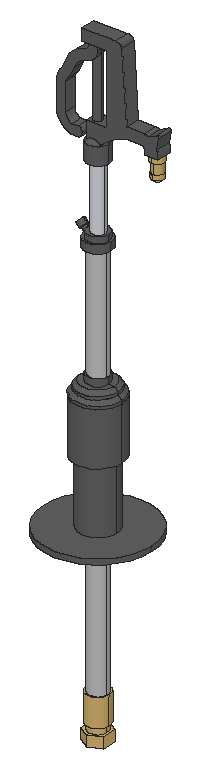
Revit family
Parameters (values of type "SRH-MS")
  Waste Connection = no
  Vent Connection = no
  URL = "http://www.woodfordmfg.com/woodford/Yard_Hydrant_Pages/Model-SRH-MS.html"
  Type Comments = ""
  Support Flange Height = 0' - 11 1/4"
  Support Flange Diameter = 0' - 10"
  SRH-MS Hydrant Weight/Lbs = "50"
  Pipe Casing/Reservoir = "1 1/2\""
  Painted Cast Iron Head & Mounting System Components = ""
  Overall Hydrant Length = 5' - 1"
  Outlet Connection = "3/4\" Male Hose Thread"
  No Drain Line Required = "Evacuates to Roof"
  Model = "SRH-MS"
  Max Temperature = "120º -F"
  Max Pressure = 100.00 psi
  Manufacturer = "Woodford Manufacturing Company"
  Keynote = ""
  Installation Instructions = "www.woodfordmfg.com/woodford/Installation/SRH-MS%20Installation%20instructions.pdf"
  Inlet Connection = "3/4\" NPT Female"
  HW Connection = no
  Galvanized Pipe Casing = ""
  GPM = "7.5"
  Double Check Backflow Preventor = "ASSE 1052 Field Testable"
  Catalog Sheet = "www.woodfordmfg.com/woodford/Yard_Hyd_PDF/SRH-MS%20Roof%20Hydrant.pdf"
  Cast Brass Valve Body Inlet = ""
  CW Connection = yes
Reference planes (in)
  plane 1 "Center (Front/Back)": y = 0
  plane 2: z = 0
  plane 3 "Center (Left/Right)": x = 0
  plane 4 "Bottom of Deck": z = 0
  plane 5 "Top of Flange": z = 0
  plane 6 "Bottom of Boot": z = 6.5
  plane 7: z = 11.5
  plane 8 "Top of Boot": z = 12.875
  plane 9 "Top of Hydrant": z = 31.25
  plane 10 "Bottom Hydrant": z = -13.37894
  plane 11 "Bottom Inlet": z = -15.94144
  plane 12 "Drain": z = -16.56644
  plane 13 "Pipe Connection": z = -17.56644
  plane 14 "Air Vent": z = 24
  plane 15: z = 25.25
  plane 16: z = 24.75
Forms (in)
  Extrusion 1, solid, material "Cast Iron"
    sketch origin (0, 0, 0) x (1, 0, 0) y (0, 1, 0)
      loop
        circle (0, 0) r 5
    from 0 to 0.48882
  Extrusion 2, solid, material "Cast Iron"
    sketch origin (0, 0, 0) x (-1, 0, 0) y (0, -1, 0)
      loop
        circle (0, 0) r 1.75
    from 0 to 6.5
  Extrusion 3, solid, material "Cast Iron"
    sketch origin (0, 0, 6.5) x (-1, 0, 0) y (0, -1, 0)
      loop
        circle (0, 0) r 2.25
    from 0 to 5
  Revolve 4, solid, material "Cast Iron"
    sketch origin (0, 0, 0) x (1, 0, 0) y (0, 0, 1)
      loop
        line (0, 11.5) -> (2.25, 11.5) -> (2.25, 11.75) -> (1.89645, 12.10355) -> (1.89645, 12.35355) -> (1.54289, 12.70711) -> (1.0031, 12.70711) -> (1.0031, 13.32538) -> (0, 13.32538) -> (0, 11.5)
      axis (0, 11.5) -> (0, 13.32538)
    angle from 0 to 360
  Extrusion 5, solid, material "Chrome"
    sketch origin (0, 0, 12.875) x (-1, 0, 0) y (0, -1, 0)
      loop
        circle (0, 0) r 0.875
    from 0 to 11.125
  Extrusion 6, solid, material "Cast Iron", not visible
    sketch origin (0, 0, 22.97002) x (-1, 0, 0) y (0, -1, 0)
      loop
        circle (0, 0) r 1.3744
    from 0 to 0.25
  Revolve 7, solid, material "Cast Iron", not visible
    sketch origin (0, 0, 0) x (1, 0, 0) y (0, 0, 1)
      loop
        line (0, 23.22002) -> (0.88774, 23.22002) -> (0.88774, 24.47002)
        arc (0.88774, 24.47002) -> (0.59787, 24.83314) -> (0.15387, 24.97002) r 0.78857
        line (0.15387, 24.97002) -> (0, 24.97002) -> (0, 23.22002)
      axis (0, 23.22002) -> (0, 24.97002)
    angle from 0 to 360
  Extrusion 8, solid, material "Cast Iron", not visible
    sketch origin (0, 0, 0) x (1, 0, 0) y (0, 0, 1)
      loop
        line (-0.5, 23.22002) -> (0.5, 23.22002) -> (0.5, 23.72002)
        arc (0.5, 23.72002) -> (0.62037, 24.27543) -> (0.95989, 24.73117) r 1.34154
        line (0.95989, 24.73117) -> (1.67922, 25.25379)
        arc (1.67922, 25.25379) -> (2.52568, 25.68195) -> (3.43883, 25.93877) r 4.89374
        line (3.43883, 25.93877) -> (4.93551, 25.93877) -> (4.93551, 25.25993) -> (6.18551, 25.25993) -> (6.18551, 27.00993)
        arc (6.18551, 27.00993) -> (6.10837, 27.15072) -> (5.9482, 27.1615) r 0.16706
        line (5.9482, 27.1615) -> (5.43551, 26.92386) -> (3.2034, 26.92386)
        arc (3.2034, 26.92386) -> (3.33089, 28.2701) -> (3.29499, 29.62189) r 11.18488
        line (3.29499, 29.62189) -> (2.92407, 32.2611)
        arc (2.92407, 32.2611) -> (2.59805, 33.18889) -> (2.14765, 34.06308) r 7.14049
        arc (2.14765, 34.06308) -> (0.59876, 34.04334) -> (-0.9375, 33.84502) r 13.40309
        line (-0.9375, 33.84502) -> (-0.9375, 32.72002) -> (0.5625, 32.72002) -> (0.5625, 29.97002) -> (1.5625, 29.97002) -> (1.5625, 26.22002) -> (-0.5, 26.22002) -> (-0.5, 23.22002)
    from -0.6875 to 0.6875
  Extrusion 9, solid, material "Cast Iron", not visible
    sketch origin (0, 0, 0) x (1, 0, 0) y (0, 0, 1)
      loop
        arc (-0.75, 32.22002) -> (-1.75, 31.90472) -> (-2.3883, 31.07286) r 1.74345
        arc (-2.3883, 31.07286) -> (-2.46923, 30.65469) -> (-2.67603, 30.28234) r 1.35431
        arc (-2.67603, 30.28234) -> (-3.13074, 29.52698) -> (-3.38782, 28.68363) r 3.59309
        line (-3.38782, 28.68363) -> (-3.38782, 27.44744)
        arc (-3.38782, 27.44744) -> (-3.02079, 26.38152) -> (-2.07532, 25.76753) r 1.73135
        line (-2.07532, 25.76753) -> (-1.5599, 25.76753)
        arc (-1.5599, 25.76753) -> (-0.72918, 26.14253) -> (-1.5599, 26.51753) r 0.5
        line (-1.5599, 26.51753) -> (-1.96999, 26.51753)
        arc (-1.96999, 26.51753) -> (-2.45357, 26.87501) -> (-2.63782, 27.44744) r 0.98135
        line (-2.63782, 27.44744) -> (-2.63782, 28.61481)
        arc (-2.63782, 28.61481) -> (-2.43298, 29.24983) -> (-2.08579, 29.81962) r 2.84309
        arc (-2.08579, 29.81962) -> (-1.79114, 30.32873) -> (-1.64892, 30.89952) r 2.10431
        arc (-1.64892, 30.89952) -> (-1.28233, 31.31535) -> (-0.75, 31.47002) r 0.99345
        arc (-0.75, 31.47002) -> (-0.01905, 31.73606) -> (0.36988, 32.40971) r 1.13716
        line (0.36988, 32.40971) -> (0.36988, 32.73312) -> (-0.36873, 32.73312) -> (-0.36873, 32.53994)
        arc (-0.36873, 32.53994) -> (-0.50114, 32.31059) -> (-0.75, 32.22002) r 0.38716
      loop
        circle (-1.22918, 26.14253) r 0.25
    from -0.5 to 0.5
  Sweep 10, solid, material "Copper", not visible
    path origin (-14.37933, 0, 7.52057) x (0.809017, 0, -0.587785) y (0.587785, 0, 0.809017)
      loop
        line (5.70332, 26.07075) -> (6.03395, 25.61568)
    profile origin (5.55876, 0, 24.97868) x (0, -1, 0) y (1, 0, 0)
      loop
        circle (0, 0) r 0.62427
  Sweep 11, solid, material "Copper", not visible
    path origin (-14.35969, 0, 8.64557) x (0.809017, 0, -0.587785) y (0.587785, 0, 0.809017)
      loop
        line (6.6952, 24.70554) -> (6.84215, 24.50328)
    profile origin (5.57839, 0, 24.57243) x (0, -1, 0) y (1, 0, 0)
      loop
        circle (0, 0) r 0.5
  Extrusion 12, solid, material "Chrome"
    sketch origin (0, 0, 0) x (-1, 0, 0) y (0, -1, 0)
      loop
        circle (0, 0) r 0.875
    from 0 to -13.37894
  Extrusion 13, solid, material "Copper"
    sketch origin (0, 0, -13.37894) x (-1, 0, 0) y (0, -1, 0)
      loop
        circle (0, 0) r 1.0625
    from 0 to -2.5625
  Extrusion 14, solid, material "Copper"
    sketch origin (0, 0, -15.94144) x (-1, 0, 0) y (0, -1, 0)
      loop
        circle (0, 0) r 0.875
    from 0 to -0.625
  Extrusion 15, solid, material "Copper"
    sketch origin (-60.2647, -180, -16.56644) x (-1, 0, 0) y (0, -1, 0)
      loop
        line (-61.34723, -180.625) -> (-60.2647, -181.25) -> (-59.18217, -180.625) -> (-59.18217, -179.375) -> (-60.2647, -178.75) -> (-61.34723, -179.375) -> (-61.34723, -180.625)
    from 0 to -1
  Extrusion 16, void
    sketch origin (0, 0, -17.56644) x (-1, 0, 0) y (0, -1, 0)
      loop
        circle (0, 0) r 0.5
    from 0 to 1
  Sweep 17, solid, material "Cast Iron", not visible
    path origin (0, 0, -5.669) x (1, 0, 0) y (0, 0, 1)
      loop
        line (0, 31.88902) -> (0, 38.38902)
    profile origin (0, 0, 29.47002) x (-1, 0, 0) y (0, -1, 0)
      loop
        circle (0, 0) r 0.375
  Sweep 18, solid, material "Copper", not visible
    path origin (-14.37933, 0, 6.70807) x (0.809017, 0, -0.587785) y (0.587785, 0, 0.809017)
      loop
        line (5.70332, 26.07075) -> (6.03395, 25.61568)
    profile origin (5.55876, 0, 24.16618) x (0, -1, 0) y (1, 0, 0)
      loop
        circle (0, 0) r 0.62427
  Sweep 19, solid, material "Copper", not visible
    path origin (-14.35969, 0, 7.83307) x (0.809017, 0, -0.587785) y (0.587785, 0, 0.809017)
      loop
        line (6.6952, 24.70554) -> (7.14394, 24.0879)
    profile origin (5.57839, 0, 23.50321) x (0, -1, 0) y (1, 0, 0)
      loop
        circle (0, 0) r 0.5
  Sweep 20, solid, material "Cast Iron"
    path origin (0, 0, 0.34375) x (-1, 0, 0) y (0, 0, 1)
      loop
        line (0, 23.65625) -> (0, 24.40625)
    profile origin (0, 0, 24.375) x (1, 0, 0) y (0, 1, 0)
      loop
        circle (0, 0) r 1.25
  Sweep 21, solid, material "Cast Iron"
    path origin (0, 0, 0.34375) x (-1, 0, 0) y (0, 0, 1)
      loop
        line (0, 24.40625) -> (0, 24.90625)
    profile origin (0, 0, 25) x (1, 0, 0) y (0, 1, 0)
      loop
        circle (0, 0) r 1
  Sweep 22, solid
    path origin (0, 0, 0) x (1, 0, 0) y (0, 0, 1)
      loop
        line (0, 24.90625) -> (0, 31.25)
    profile origin (0, 0, 28.07812) x (-1, 0, 0) y (0, -1, 0)
      loop
        circle (0, 0) r 0.625
  Sweep 23, solid, material "Cast Iron"
    path origin (0, 0, 0.34375) x (-1, 0, 0) y (0, 0, 1)
      loop
        line (0.8125, 24.40625) -> (1.3125, 24.90625)
    profile origin (-1.0625, 0, 25) x (0.707107, 0, 0.707107) y (0, 1, 0)
      loop
        circle (0, 0) r 0.25
  Sweep 24, solid, material "Cast Iron"
    path origin (0.38388, 0, -0.04013) x (-1, 0, 0) y (0, 0, 1)
      loop
        line (1.69638, 25.29013) -> (2.04994, 25.64369)
    profile origin (-1.48928, 0, 25.42678) x (0.707107, 0, 0.707107) y (0, 1, 0)
      loop
        circle (0, 0) r 0.38149
  Sweep 25, solid, material "Cast Iron", not visible
    path origin (0, 0, 0) x (1, 0, 0) y (0, 0, 1)
      loop
        line (0, 23.65625) -> (0, 24.40625)
    profile origin (0, 0, 24.03125) x (-1, 0, 0) y (0, -1, 0)
      loop
        circle (0, 0) r 1.25
  Sweep 26, solid, material "Cast Iron", not visible
    path origin (0, 0, 0) x (1, 0, 0) y (0, 0, 1)
      loop
        line (0, 24.40625) -> (0, 24.90625)
    profile origin (0, 0, 24.65625) x (-1, 0, 0) y (0, -1, 0)
      loop
        circle (0, 0) r 1
  Sweep 27, solid, material "Cast Iron", not visible
    path origin (0, 0, 0) x (1, 0, 0) y (0, 0, 1)
      loop
        line (0.8125, 24.40625) -> (1.3125, 24.90625)
    profile origin (1.0625, 0, 24.65625) x (-0.707107, 0, 0.707107) y (0, -1, 0)
      loop
        circle (0, 0) r 0.25
  Sweep 28, solid, material "Cast Iron", not visible
    path origin (-0.38388, 0, -0.38388) x (1, 0, 0) y (0, 0, 1)
      loop
        line (1.69638, 25.29013) -> (2.04994, 25.64369)
    profile origin (1.48928, 0, 25.08303) x (-0.707107, 0, 0.707107) y (0, -1, 0)
      loop
        circle (0, 0) r 0.38149
  Revolve 29, solid, material "Cast Iron"
    sketch origin (0.01761, 0.00001, 8.4323) x (1, 0, 0) y (0, 0, 1)
      loop
        line (0, 22.8177) -> (1.02491, 22.8177) -> (1.02491, 24.41828)
        arc (1.02491, 24.41828) -> (0.71233, 24.8431) -> (0.21039, 25.00508) r 0.8587
        line (0.21039, 25.00508) -> (0, 25.00508) -> (0, 22.8177)
      axis (0, 22.8177) -> (0, 25.00508)
    angle from 0 to 360
  Extrusion 30, solid, material "Cast Iron"
    sketch origin (0.01761, 0.00001, 8.4323) x (1, 0, 0) y (0, 0, 1)
      loop
        line (-0.5, 23.22002) -> (0.5, 23.22002) -> (0.5, 23.72002)
        arc (0.5, 23.72002) -> (0.62037, 24.27543) -> (0.95989, 24.73117) r 1.34154
        line (0.95989, 24.73117) -> (1.67922, 25.25379)
        arc (1.67922, 25.25379) -> (2.52568, 25.68195) -> (3.43883, 25.93877) r 4.89374
        line (3.43883, 25.93877) -> (4.57225, 25.93877)
        arc (4.57225, 25.93877) -> (4.82073, 25.81433) -> (4.93551, 25.56125) r 0.41624
        line (4.93551, 25.56125) -> (4.93551, 25.25993) -> (6.18559, 25.25993)
        arc (6.18559, 25.25993) -> (6.16814, 25.66141) -> (6.04799, 26.0449) r 1.54898
        line (6.04799, 26.0449) -> (6.2685, 27.04758)
        arc (6.2685, 27.04758) -> (6.20995, 27.21372) -> (6.03509, 27.23503) r 0.16706
        line (6.03509, 27.23503) -> (5.16235, 26.8305)
        arc (5.16235, 26.8305) -> (5.03121, 26.8999) -> (4.88479, 26.92386) r 0.4593
        line (4.88479, 26.92386) -> (3.2034, 26.92386) -> (2.75195, 33.37989)
        arc (2.75195, 33.37989) -> (2.59416, 33.71069) -> (2.25316, 33.84502) r 0.5
        line (2.25316, 33.84502) -> (-0.9375, 33.84502) -> (-0.9375, 32.72002) -> (1.36348, 32.72002) -> (1.36348, 26.22002) -> (-0.5, 26.22002) -> (-0.5, 23.22002)
    from -0.6875 to 0.6875
  Extrusion 31, solid, material "Cast Iron"
    sketch origin (0.01761, 0.00001, 8.4323) x (1, 0, 0) y (0, 0, 1)
      loop
        arc (-3.00663, 29.67552) -> (-3.31817, 29.25984) -> (-3.48419, 28.76761) r 1.64105
        line (-3.48419, 28.76761) -> (-3.48419, 26.12239)
        arc (-3.48419, 26.12239) -> (-3.11716, 25.05647) -> (-2.17169, 24.44247) r 1.73135
        line (-2.17169, 24.44247) -> (-1.40347, 24.44247)
        arc (-1.40347, 24.44247) -> (-1.07423, 24.89555) -> (-1.43843, 25.32104) r 0.452
        line (-1.43843, 25.32104) -> (-2.05477, 25.32104)
        arc (-2.05477, 25.32104) -> (-2.45707, 25.63517) -> (-2.60919, 26.12239) r 0.85635
        line (-2.60919, 26.12239) -> (-2.60919, 28.68427)
        arc (-2.60919, 28.68427) -> (-2.50443, 28.92164) -> (-2.32648, 29.11046) r 0.76636
        arc (-2.32648, 29.11046) -> (-2.03463, 29.60559) -> (-1.81101, 30.13506) r 4.32495
        arc (-1.81101, 30.13506) -> (-1.34476, 30.81544) -> (-0.59962, 31.16912) r 1.5838
        arc (-0.59962, 31.16912) -> (0.07981, 31.5506) -> (0.39971, 32.26112) r 1.2458
        line (0.39971, 32.26112) -> (0.39971, 32.73312) -> (-0.47739, 32.73312) -> (-0.47739, 32.31799)
        arc (-0.47739, 32.31799) -> (-0.58266, 32.12633) -> (-0.77773, 32.02753) r 0.37016
        arc (-0.77773, 32.02753) -> (-1.92715, 31.47329) -> (-2.64462, 30.41801) r 2.46146
        arc (-2.64462, 30.41801) -> (-2.80331, 30.03588) -> (-3.00663, 29.67552) r 3.44795
    from -0.5 to 0.5
  Sweep 32, solid, material "Copper"
    path origin (-14.36172, 0.00001, 15.95287) x (0.809017, 0, -0.587785) y (0.587785, 0, 0.809017)
      loop
        line (5.70332, 26.07075) -> (6.03395, 25.61568)
    profile origin (5.57637, 0.00001, 33.41098) x (0, -1, 0) y (1, 0, 0)
      loop
        circle (0, 0) r 0.62427
  Sweep 33, solid, material "Copper"
    path origin (-14.34208, 0.00001, 17.07787) x (0.809017, 0, -0.587785) y (0.587785, 0, 0.809017)
      loop
        line (6.6952, 24.70554) -> (7.28299, 23.89652)
    profile origin (5.596, 0.00001, 32.62973) x (0, -1, 0) y (1, 0, 0)
      loop
        circle (0, 0) r 0.5
  Sweep 34, solid, material "Cast Iron"
    path origin (0.01761, 0.00001, 2.7633) x (1, 0, 0) y (0, 0, 1)
      loop
        line (0, 31.88902) -> (0, 38.38902)
    profile origin (0.01761, 0.00001, 37.90231) x (-1, 0, 0) y (0, -1, 0)
      loop
        circle (0, 0) r 0.375
  Sweep 35, solid, material "Copper"
    path origin (-14.34208, 0.00001, 14.39037) x (0.809017, 0, -0.587785) y (0.587785, 0, 0.809017)
      loop
        line (5.70332, 26.07075) -> (5.93131, 25.75694)
    profile origin (5.596, 0.00001, 31.93578) x (0, -1, 0) y (1, 0, 0)
      loop
        circle (0, 0) r 0.5495
  Revolve 36, solid, material "Cast Iron", not visible
    sketch origin (0, 0, 0) x (1, 0, 0) y (0, 0, 1)
      loop
        line (0, 22.8177) -> (1.02491, 22.8177) -> (1.02491, 24.41828)
        arc (1.02491, 24.41828) -> (0.71233, 24.8431) -> (0.21039, 25.00508) r 0.8587
        line (0.21039, 25.00508) -> (0, 25.00508) -> (0, 22.8177)
      axis (0, 22.8177) -> (0, 25.00508)
    angle from 0 to 360
  Extrusion 37, solid, material "Cast Iron", not visible
    sketch origin (0, 0, 0) x (1, 0, 0) y (0, 0, 1)
      loop
        line (-0.5, 23.22002) -> (0.5, 23.22002) -> (0.5, 23.72002)
        arc (0.5, 23.72002) -> (0.62037, 24.27543) -> (0.95989, 24.73117) r 1.34154
        line (0.95989, 24.73117) -> (1.67922, 25.25379)
        arc (1.67922, 25.25379) -> (2.52568, 25.68195) -> (3.43883, 25.93877) r 4.89374
        line (3.43883, 25.93877) -> (4.57225, 25.93877)
        arc (4.57225, 25.93877) -> (4.82073, 25.81433) -> (4.93551, 25.56125) r 0.41624
        line (4.93551, 25.56125) -> (4.93551, 25.25993) -> (6.18559, 25.25993)
        arc (6.18559, 25.25993) -> (6.16814, 25.66141) -> (6.04799, 26.0449) r 1.54898
        line (6.04799, 26.0449) -> (6.2685, 27.04758)
        arc (6.2685, 27.04758) -> (6.20995, 27.21372) -> (6.03509, 27.23503) r 0.16706
        line (6.03509, 27.23503) -> (5.16235, 26.8305)
        arc (5.16235, 26.8305) -> (5.03121, 26.8999) -> (4.88479, 26.92386) r 0.4593
        line (4.88479, 26.92386) -> (3.2034, 26.92386) -> (2.75195, 33.37989)
        arc (2.75195, 33.37989) -> (2.59416, 33.71069) -> (2.25316, 33.84502) r 0.5
        line (2.25316, 33.84502) -> (-0.9375, 33.84502) -> (-0.9375, 32.72002) -> (1.36348, 32.72002) -> (1.36348, 26.22002) -> (-0.5, 26.22002) -> (-0.5, 23.22002)
    from -0.6875 to 0.6875
  Extrusion 38, solid, material "Cast Iron", not visible
    sketch origin (0, 0, 0) x (1, 0, 0) y (0, 0, 1)
      loop
        arc (-3.00663, 29.67552) -> (-3.31817, 29.25984) -> (-3.48419, 28.76761) r 1.64105
        line (-3.48419, 28.76761) -> (-3.48419, 26.12239)
        arc (-3.48419, 26.12239) -> (-3.11716, 25.05647) -> (-2.17169, 24.44247) r 1.73135
        line (-2.17169, 24.44247) -> (-1.40347, 24.44247)
        arc (-1.40347, 24.44247) -> (-1.07423, 24.89555) -> (-1.43843, 25.32104) r 0.452
        line (-1.43843, 25.32104) -> (-2.05477, 25.32104)
        arc (-2.05477, 25.32104) -> (-2.45707, 25.63517) -> (-2.60919, 26.12239) r 0.85635
        line (-2.60919, 26.12239) -> (-2.60919, 28.68427)
        arc (-2.60919, 28.68427) -> (-2.50443, 28.92164) -> (-2.32648, 29.11046) r 0.76636
        arc (-2.32648, 29.11046) -> (-2.03463, 29.60559) -> (-1.81101, 30.13506) r 4.32495
        arc (-1.81101, 30.13506) -> (-1.34476, 30.81544) -> (-0.59962, 31.16912) r 1.5838
        arc (-0.59962, 31.16912) -> (0.07981, 31.5506) -> (0.39971, 32.26112) r 1.2458
        line (0.39971, 32.26112) -> (0.39971, 32.73312) -> (-0.47739, 32.73312) -> (-0.47739, 32.31799)
        arc (-0.47739, 32.31799) -> (-0.58266, 32.12633) -> (-0.77773, 32.02753) r 0.37016
        arc (-0.77773, 32.02753) -> (-1.92715, 31.47329) -> (-2.64462, 30.41801) r 2.46146
        arc (-2.64462, 30.41801) -> (-2.80331, 30.03588) -> (-3.00663, 29.67552) r 3.44795
    from -0.5 to 0.5
  Sweep 39, solid, material "Copper", not visible
    path origin (-14.37933, 0, 7.52057) x (0.809017, 0, -0.587785) y (0.587785, 0, 0.809017)
      loop
        line (5.70332, 26.07075) -> (6.03395, 25.61568)
    profile origin (5.55876, 0, 24.97868) x (0, -1, 0) y (1, 0, 0)
      loop
        circle (0, 0) r 0.62427
  Sweep 40, solid, material "Copper", not visible
    path origin (-14.35969, 0, 8.64557) x (0.809017, 0, -0.587785) y (0.587785, 0, 0.809017)
      loop
        line (6.6952, 24.70554) -> (7.28299, 23.89652)
    profile origin (5.57839, 0, 24.19743) x (0, -1, 0) y (1, 0, 0)
      loop
        circle (0, 0) r 0.5
  Sweep 41, solid, material "Cast Iron", not visible
    path origin (0, 0, -5.669) x (1, 0, 0) y (0, 0, 1)
      loop
        line (0, 31.88902) -> (0, 38.38902)
    profile origin (0, 0, 29.47002) x (-1, 0, 0) y (0, -1, 0)
      loop
        circle (0, 0) r 0.375
  Sweep 42, solid, material "Copper", not visible
    path origin (-14.35969, 0, 5.95807) x (0.809017, 0, -0.587785) y (0.587785, 0, 0.809017)
      loop
        line (5.70332, 26.07075) -> (5.93131, 25.75694)
    profile origin (5.57839, 0, 23.50348) x (0, -1, 0) y (1, 0, 0)
      loop
        circle (0, 0) r 0.5495
  Sweep 43, solid, material "Copper"
    path origin (-14.34208, 0.00001, 14.00248) x (0.809017, 0, -0.587785) y (0.587785, 0, 0.809017)
      loop
        line (5.70332, 26.07075) -> (5.80504, 25.93074)
    profile origin (5.596, 0.00001, 31.6553) x (0, -1, 0) y (1, 0, 0)
      loop
        circle (0, 0) r 0.41493
  Sweep 44, solid, material "Copper", not visible
    path origin (-14.35969, 0, 5.57018) x (0.809017, 0, -0.587785) y (0.587785, 0, 0.809017)
      loop
        line (5.70332, 26.07075) -> (5.80504, 25.93074)
    profile origin (5.57839, 0, 23.223) x (0, -1, 0) y (1, 0, 0)
      loop
        circle (0, 0) r 0.41493
Cuts and joins
  Extrusion 16 cuts Extrusion 14
  Extrusion 16 cuts Extrusion 15
Dimensions and locks (in)
  plane 6 "Bottom of Boot" to plane 5 "Top of Flange" = 0' - 6 1/2"
  plane 7 to plane 6 "Bottom of Boot" = 0' - 5"
  locked: plane 8 "Top of Boot" to plane 7 at 1.375
  locked: plane 10 "Bottom Hydrant" to plane 11 "Bottom Inlet" at 2.5625
  locked: plane 11 "Bottom Inlet" to plane 12 "Drain" at 0.625
  locked: plane 12 "Drain" to plane 13 "Pipe Connection" at 1
  level to plane 13 "Pipe Connection" = 1' - 5.56644"
  plane 15 to plane 16 = 0' - 0 1/2"
  plane 16 to plane 14 "Air Vent" = 0' - 0 3/4"
  plane 14 "Air Vent" to level = 2' - 0"
  Extrusion 30 to plane 13 "Pipe Connection" = 4' - 11 27/32"
  aligned and locked: plane 2 to level
  aligned and locked: plane 6 "Bottom of Boot" to Extrusion 2
  aligned and locked: plane 7 to Extrusion 3
  aligned and locked: Extrusion 12 to plane 10 "Bottom Hydrant"
  aligned and locked: plane 11 "Bottom Inlet" to Extrusion 13
  aligned and locked: plane 12 "Drain" to Extrusion 14
  aligned and locked: plane 13 "Pipe Connection" to Extrusion 15
  aligned: plane 9 "Top of Hydrant" to Sweep 22
  aligned and locked: plane 14 "Air Vent" to Sweep 20
  aligned and locked: plane 16 to Sweep 20
  aligned and locked: plane 15 to Sweep 21
  aligned and locked: plane 9 "Top of Hydrant" to Revolve 29
  aligned and locked: plane 14 "Air Vent" to Extrusion 5
Connectors (in)
  piping at (0, 0, -16.56644)
    settings: on cut or joined group of Extrusion 15, Extrusion 16, index 1, connector radius 1/2", flow factor 0, pipe flow 8 GPM, pressure drop 0.00 psi, fitting loss kfactor 0, connector angle 0.00°, fixture units 0, flow configuration 1, flow direction 1, fitting loss method 4, system type 20, connector reference index -1, connector utility 0, adjustable connector no, is connector primary yes, fitting loss table "", connector description ""
